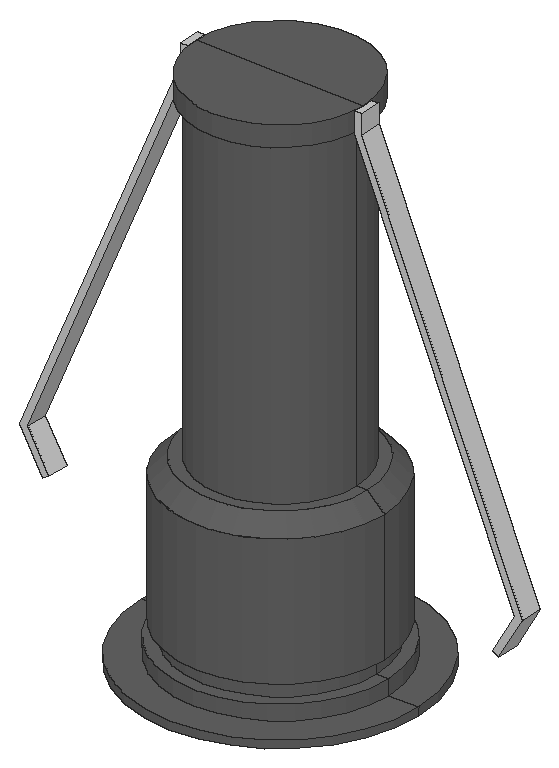
Revit family "LBMS2W_DOWNLIGHT MINIS", category Luminarias, Revit 2019
Family settings
  Cota de conector redondo = Diámetro de uso
  Tipo de pieza = Normal
  Se basa en plano de trabajo = Sí
  Siempre vertical = Sí
  Corte con vacíos al cargar = No
  Origen de luz = Sí
  Compartido = No
  Punto de cálculo de habitación = No
Parameters (values of type "DOWNLIGHT MINI S_LBMS2W")
  Ángulo de inclinación = 60.00°
  Ángulo de enfoque = 40.00°
  Ángulo de campo de foco = 40.00°
  Zone [instance] = ""
  Watt per fixture = 2.2
  Wattage = 2.2 W
  built-in parameter 1150107 = 3000 (stored number, unit not read)
  Radio int = 12.5 mm
  Radio ext = 16 mm
  built-in parameter 1150110 = 1 (stored number, unit not read)
  built-in parameter 1150109 = 1 (stored number, unit not read)
  built-in parameter 1150112 = 1 (stored number, unit not read)
  built-in parameter 1150113 = 1 (stored number, unit not read)
  built-in parameter 1114218 = 1 (stored number, unit not read)
  Keynote = ""
  built-in parameter 1150137 = (empty or 0)
  built-in parameter 1150132 = (empty or 0)
  Modelo = "LBMS2W"
  Lámpara = "Osram"
  Longitud de símbolo de origen de luz = 500 mm
  built-in parameter 1150105 = 2154.1 (stored number, unit not read)
  built-in parameter 1150102 = (empty or 0)
  built-in parameter 1150106 = 21.541 (stored number, unit not read)
  Lumens = 213.62 lm
  Color Filter = 16777215
  built-in parameter 1114217 = 1 (stored number, unit not read)
  built-in parameter 1150139 = (empty or 0)
  Fabricante = "BRILLANT"
  Default Elevation = 1219.2 mm
  built-in parameter 1150104 = 9.0209 (stored number, unit not read)
  Descripción = "LUMINARIA MINI, TIPO CIRCULAR, PARA EMPOTRAR EN TECHO CON 32MM DE DIAMETRO POR 60MM DE HOUSING, CUERPO Y ANILLO EN COLOR NEGRO, IP 20 USO PARA INTERIORES, CUENTA CON 1 LED TIPO OSRAM CON UNA POTENCIA DE 2.2W, A UNA TEMPERATURA EN BLANCO CALIDO 3000K, IRC 80, APERTURA A 40 GRADOS, ALIMENTADA A 12V. REQUIERE ACCESORIOS."
  built-in parameter 1150115 = 1 (stored number, unit not read)
  built-in parameter 1150114 = 1 (stored number, unit not read)
  Comentarios de vataje = "12V"
  built-in parameter 1150138 = (empty or 0)
  built-in parameter 1150134 = (empty or 0)
  Circuit [instance] = ""
  Dimming Lamp Color Temperature Shift = (empty or 0)
  built-in parameter 1150133 = 10 (stored number, unit not read)
Reference planes
  plane 1 "Centro (Frontal/Posterior)": y = 0
  plane 2: z = 0
  plane 3 "Centro (Izquierda/Derecha)": x = 0
Forms (mm)
  Revolve 1, solid, material "Aluminio negro"
    sketch origin (0, 0, 0) x (1, 0, 0) y (0, 0, 1)
      loop
        line (-10.04, -0.9) -> (-10.04, 9.382) -> (0, 9.382) -> (0, 60) -> (-9.649, 60) -> (-9.649, 57.682) -> (-8.849, 57.682) -> (-8.849, 20.404) -> (-10.166, 20.404) -> (-12.024, 18.546) -> (-12.024, 3.546) -> (-11.101, 3.546) -> (-11.101, 1.716) -> (-12.5, 1.716) -> (-12.5, 0) -> (-16, 0) -> (-16, -0.9) -> (-10.04, -0.9)
      axis (0, 60) -> (0, -0.9)
    angle from 0 to 360
  Revolve 2, solid, material "Acero Inoxidable", not visible
    sketch origin (0, 0, 0) x (1, 0, 0) y (0, 0, 1)
      loop
        line (-53, 3.693) -> (-53, -3.75) -> (-51.344, -3.75) -> (-36.344, 11.25) -> (0, 11.25) -> (0, 51.82) -> (-49.098, 51.82) -> (-49.098, 3.693) -> (-53, 3.693)
      axis (0, -3.75) -> (0, 51.82)
    angle from 0 to 360
  Extrusion 3, solid, material "Acero Inoxidable", not visible
    sketch origin (0, 0, 0) x (1, 0, 0) y (0, 1, 0)
      loop
        arc (-37.804, -31.327) -> (0, -49.098) -> (37.804, -31.327) r 49.098
        line (37.804, -31.327) -> (37.804, 31.327) -> (26.507, 41.327) -> (-26.507, 41.327) -> (-37.804, 31.327) -> (-37.804, -31.327)
    from 51.82 to 108.492
  Extrusion 4, void, not visible
    sketch origin (0, 0, 0) x (1, 0, 0) y (0, 1, 0)
      loop
        line (-21.273, 41.327) -> (-21.273, 16.327) -> (-18.727, 16.327) -> (-18.727, 41.327) -> (-21.273, 41.327)
      loop
        line (-16.273, 41.327) -> (-16.273, 16.327) -> (-13.727, 16.327) -> (-13.727, 41.327) -> (-16.273, 41.327)
      loop
        line (-11.273, 41.327) -> (-11.273, 16.327) -> (-8.727, 16.327) -> (-8.727, 41.327) -> (-11.273, 41.327)
      loop
        line (-6.273, 41.327) -> (-6.273, 16.327) -> (-3.727, 16.327) -> (-3.727, 41.327) -> (-6.273, 41.327)
      loop
        line (-1.273, 41.327) -> (-1.273, 16.327) -> (1.273, 16.327) -> (1.273, 41.327) -> (-1.273, 41.327)
      loop
        line (21.273, 41.327) -> (18.727, 41.327) -> (18.727, 16.327) -> (21.273, 16.327) -> (21.273, 41.327)
      loop
        line (16.273, 41.327) -> (13.727, 41.327) -> (13.727, 16.327) -> (16.273, 16.327) -> (16.273, 41.327)
      loop
        line (11.273, 41.327) -> (8.727, 41.327) -> (8.727, 16.327) -> (11.273, 16.327) -> (11.273, 41.327)
      loop
        line (6.273, 41.327) -> (3.727, 41.327) -> (3.727, 16.327) -> (6.273, 16.327) -> (6.273, 41.327)
    from 51.82 to 114.316
  Extrusion 5, solid, material "Acero Inoxidable", not visible
    sketch origin (0, 0, 0) x (1, 0, 0) y (0, 1, 0)
      loop
        arc (-27.655, 25.776) -> (0, -37.804) -> (27.655, 25.776) r 37.804
        arc (27.655, 25.776) -> (24.503, 33.265) -> (23.488, 41.327) r 29.844
        line (23.488, 41.327) -> (-23.488, 41.327)
        arc (-23.488, 41.327) -> (-24.503, 33.265) -> (-27.655, 25.776) r 29.844
    from 108.492 to 114.316
  Extrusion 6, void, not visible
    sketch origin (0, 0, 0) x (0, 1, 0) y (0, 0, 1)
      loop
        line (46.026, 75.747) -> (1.026, 51.82) -> (46.026, 51.82) -> (46.026, 75.747)
    from -37.804 to 37.804
  Extrusion 7, solid, material "Acero Inoxidable", not visible
    sketch origin (0, 0, 0) x (1, 0, 0) y (0, 1, 0)
      loop
        line (-32.068, 17.104) -> (-32.068, 1.026) -> (32.068, 1.026) -> (32.068, 17.104)
        arc (32.068, 17.104) -> (0, 36.344) -> (-32.068, 17.104) r 36.344
    from 51.82 to 73.248
  Extrusion 8, solid, material "Acero Inoxidable"
    sketch origin (0, 0, 0) x (1, 0, 0) y (0, 0, 1)
      loop
        line (-9.649, 60) -> (-10.449, 60) -> (-10.449, 57.845) -> (-29.016, 14.104) -> (-26.316, 9.428) -> (-25.624, 9.828) -> (-28.124, 14.158) -> (-9.649, 57.682) -> (-9.649, 60)
      loop
        line (9.649, 60) -> (9.649, 57.682) -> (28.124, 14.158) -> (25.624, 9.828) -> (26.316, 9.428) -> (29.016, 14.104) -> (10.449, 57.845) -> (10.449, 60) -> (9.649, 60)
    from -1.18 to 1.284
Lines and regions (mm)
  model lines, not visible
    curve 1: circle (0, 0, 0) r 85 normal (0, -1, 0)
Dimensions and locks
  Revolve 2 sketch curve to Revolve 2 sketch curve = 53 mm
  "Radio ext": plane 3 "Centro (Izquierda/Derecha)" to Revolve 1 sketch curve
  "Radio int": plane 3 "Centro (Izquierda/Derecha)" to Revolve 1 sketch curve
  Revolve 1 sketch curve to plane 2 = 60 mm
  Revolve 1 to plane 2 = 60 mm
  aligned and locked: level to plane 2
Automatic sketch dimensions
  Revolve 1 sketch curve to plane 3 "Centro (Izquierda/Derecha)" = 0 mm  (x2)
  Revolve 1 sketch curve to level = 0 mm
  Revolve 1 sketch curve to Revolve 1 sketch curve = 0.476 mm
  Revolve 1 sketch curve to Revolve 1 sketch curve = 1.399 mm
  Revolve 1 sketch curve to Revolve 1 sketch curve = 1.858 mm  (x2)
  Revolve 1 sketch curve to Revolve 1 sketch curve = 0.8 mm
  Revolve 1 sketch curve to level = 0.9 mm
  level to Revolve 1 sketch curve = 1.716 mm
  Revolve 1 sketch curve to Revolve 1 sketch curve = 1.83 mm
  level to Revolve 1 sketch curve = 9.382 mm
  Revolve 1 sketch curve to Revolve 1 sketch curve = 9.164 mm
  Revolve 1 sketch curve to Revolve 1 sketch curve = 2.318 mm
  Revolve 1 sketch curve to Revolve 1 sketch curve = 1.061 mm
  Revolve 1 sketch curve to Revolve 1 sketch curve = 0 mm
  Revolve 1 sketch curve to Revolve 1 sketch curve = 36.302 mm
  Revolve 1 sketch curve to plane 3 "Centro (Izquierda/Derecha)" = 9.649 mm
  level to Extrusion 8 sketch curve = 14.104 mm  (x2)
  Extrusion 8 sketch curve to plane 3 "Centro (Izquierda/Derecha)" = 29.016 mm
  Extrusion 8 sketch curve to Extrusion 8 sketch curve = 0.892 mm
  level to Extrusion 8 sketch curve = 9.428 mm  (x2)
  Extrusion 8 sketch curve to Extrusion 8 sketch curve = 1.807 mm
  level to Extrusion 8 sketch curve = 9.828 mm
  Extrusion 8 sketch curve to plane 3 "Centro (Izquierda/Derecha)" = 10.449 mm
  Extrusion 8 sketch curve to Extrusion 8 sketch curve = 0.8 mm  (x2)
  plane 3 "Centro (Izquierda/Derecha)" to Extrusion 8 sketch curve = 9.649 mm
  plane 3 "Centro (Izquierda/Derecha)" to Extrusion 8 sketch curve = 25.624 mm
  Extrusion 8 sketch curve to Extrusion 8 sketch curve = 0.693 mm
  level to Extrusion 8 sketch curve = 14.158 mm
  Extrusion 8 sketch curve to Extrusion 8 sketch curve = 2.5 mm
  Extrusion 8 sketch curve to Extrusion 8 sketch curve = 43.524 mm
  Extrusion 8 sketch curve to Extrusion 8 sketch curve = 0 mm
  Extrusion 8 sketch curve to Extrusion 8 sketch curve = 0.163 mm  (x2)
  Extrusion 8 sketch curve to Extrusion 8 sketch curve = 2.155 mm  (x2)
Connectors
  electrical at (0, 0, 60)
    settings: on Revolve 1, index 1, voltage 12 V, apparent load 0 VA, apparent load phase1 0 VA, apparent load phase2 0 VA, apparent load phase3 0 VA, power factor 1, load classification "Otro", number of poles 1, system type 31, power factor state 1, is connector primary yes, connector utility no, sub classification motor no, connector description ""
